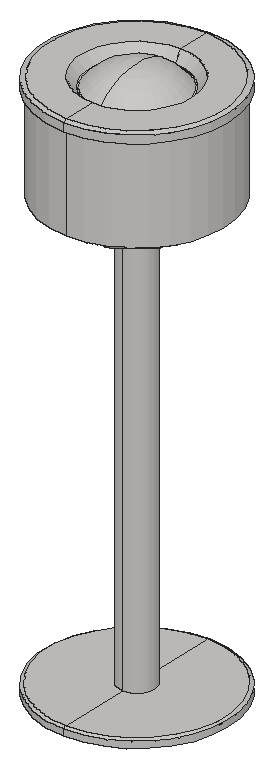
Revit family "Пепельница ПА025", category Антураж, Revit 2017
Family settings
  На основе рабочей плоскости = Нет
  Всегда вертикально = Да
  При загрузке вырезать с полостями = Нет
  Источник визуального образа = Геометрия семейства
  Общий = Нет
  Точка расчета площади = Нет
Parameters (values of type "Пепельница ПА025 Напыление под золото")
  Стоимость = 5900
  Изготовитель = "ООО «Хоббика»"
  Высота = 0 mm
  URL = "https://hobbyka.ru/product/pepelnica_pa025/?sphrase_id=88644"
  ADSK_Размер_Диаметр = 230 mm
  ADSK_Размер_Высота = 700 mm
  ADSK_Объем = 0.00 m³
  ADSK_Наименование = "Пепельница ПА025"
  ADSK_Материал урны = Сталь, нержавеющая, полированная(золото)
  ADSK_Масса = 0.00 kg
  ADSK_Код изделия = "7314"
Types (3, lengths in mm): name | Стоимость | ADSK_Материал урны
  (no name) | 5900 | Сталь, нержавеющая, полированная(золото)
  Пепельница ПА025 Полированная | 3880 | Сталь, нержавеющая, полированная
  Пепельница ПА025 Напыление под золото | 5900 | Сталь, нержавеющая, полированная(золото)
Reference planes
  plane 1 "По центру (Вперед/Назад)": y = 0
  plane 2: z = 0
  plane 3 "По центру (Влево/Вправо)": x = 0
  plane 4: z = 1019.814
Forms (mm)
  Revolve 1, solid, material "Сталь, нержавеющая, полированная(золото)" <- "ADSK_Материал урны"
    sketch origin (0, 0, 0) x (0, 1, 0) y (0, 0, 1)
      loop
        line (-114.863, 0) -> (0, 0) -> (0, 705.9)
        arc (0, 705.9) -> (-31.67, 699.412) -> (-57.519, 680) r 73.727
        line (-57.519, 680) -> (-59.457, 680) -> (-69.383, 692.006) -> (-109.469, 692.006) -> (-114.863, 690) -> (-114.863, 680) -> (-109.853, 680) -> (-109.853, 560) -> (-106.553, 558) -> (-22.041, 558) -> (-22.041, 10) -> (-111.413, 10) -> (-114.863, 8) -> (-114.863, 0)
      axis (0, 0) -> (0, 705.9)
    angle from 0 to 360
Dimensions and locks
  plane 4 to plane 2 = 1019.814 mm
  aligned and locked: level to plane 2
